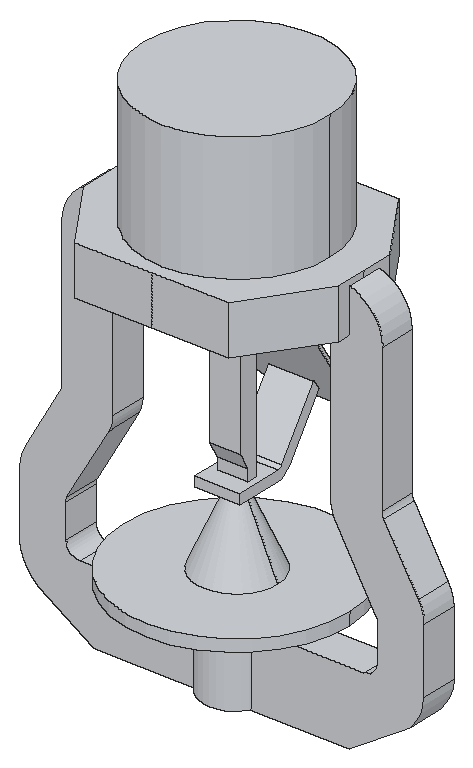
Revit family
Parameters (values of type "RASCO HL-22 ESFR")
  Temperature Rating = 212 °F
  Response = 1
  RASCO SIN # = "RA1011"
  RASCO Part # = "HL222"
  Pressure Rating = "175 PSI"
  Pressure Class = (empty or 0)
  Orifice Size = 1"
  Orifice = (empty or 0)
  Model = "HL-22"
  Manufacturer = "RASCO"
  K-Factor = 22.4
  Description = "BRONZE FINISH"
  Coverage = (empty or 0)
Reference planes (in)
  plane 1 "Center (Front/Back)": y = 0
  plane 2: z = 0
  plane 3 "Center (Left/Right)": x = 0
Nested families (in)
  nested 1: "HL222" at (0, 0, 3.875) x (-1, 0, 0) z (0, 0, -1), type "RASCO HL-22 ESFR"
Connectors (in)
  piping at (0, 0, 3.875)
    settings: on nested 1, index 1, connector radius 159/256", flow factor 0, pipe flow 0 GPM, pressure drop 0.00 psi, fitting loss kfactor 0, connector angle 0.00°, fixture units 0, flow configuration 0, flow direction 0, fitting loss method 0, system type 7, connector reference index -1, connector utility 0, adjustable connector no, is connector primary yes, fitting loss table "", connector description ""
Definition of nested family "HL222"
  Parameters (values of type "RASCO HL-22 ESFR")
    Type Comments = ""
    Temperature Rating = 0 °F
    Response = (empty or 0)
    Pressure Rating = "0"
    Pressure Class = (empty or 0)
    Orifice Size = 0"
    Orifice = (empty or 0)
    Model = ""
    Manufacturer = ""
    K-Factor = 0
    Description = ""
    Coverage = (empty or 0)
    Assembly Code = ""
  Reference planes (in)
    plane 1 "Center (Front/Back)": y = 0
    plane 2: z = 0
    plane 3 "left/right center": x = 0
    plane 4 "REF. 2": z = 0.9
    plane 5: z = 3.875
    plane 6: x = -1.4295
    plane 7: x = 1.4295
    plane 8 "REF.3": z = 3.355
    plane 9 "HEAD": z = 3.187
    plane 10 "HEAD 2": z = 2.57
    plane 11 "LINK": through (0, 0.54605, 2.12761) normal (0, -0.8477, 0.5305)
  Forms (in)
    Extrusion 1, solid
      sketch origin (0, 0, 0) x (1, 0, 0) y (0, 1, 0)
        loop
          circle (0, 0) r 0.66
      from 0 to 0.9
    Extrusion 2, solid
      sketch origin (0, 0, 0.9) x (-1, 0, 0) y (0, -1, 0)
        loop
          line (0, -0.75) -> (0.545, -0.75) -> (0.9, -0.225) -> (0.9, 0) -> (0.9, 0.225) -> (0.545, 0.75) -> (0, 0.75) -> (-0.545, 0.75) -> (-0.9, 0.225) -> (-0.9, 0) -> (-0.9, -0.225) -> (-0.545, -0.75) -> (0, -0.75)
      from 0 to 0.35
    Extrusion 3, solid
      sketch origin (0, 0, 0) x (1, 0, 0) y (0, 0, 1)
        loop
          line (-0.89516, 1.25) -> (-0.77016, 1.25) -> (-0.77016, 2.35369)
          arc (-0.77016, 2.35369) -> (-0.77682, 2.40488) -> (-0.79636, 2.45267) r 0.2
          line (-0.79636, 2.45267) -> (-1.09602, 2.97884)
          arc (-1.09602, 2.97884) -> (-1.10234, 2.9943) -> (-1.1045, 3.01087) r 0.06473
          line (-1.1045, 3.01087) -> (-1.1045, 3.255)
          arc (-1.1045, 3.255) -> (-1.07521, 3.32571) -> (-1.0045, 3.355) r 0.1
          line (-1.0045, 3.355) -> (0, 3.355) -> (1.0045, 3.355)
          arc (1.0045, 3.355) -> (1.07521, 3.32571) -> (1.1045, 3.255) r 0.1
          line (1.1045, 3.255) -> (1.1045, 3.01173)
          arc (1.1045, 3.01173) -> (1.10235, 2.99514) -> (1.09603, 2.97964) r 0.065
          line (1.09603, 2.97964) -> (0.79667, 2.4523)
          arc (0.79667, 2.4523) -> (0.77722, 2.40463) -> (0.77059, 2.35357) r 0.2
          line (0.77059, 2.35357) -> (0.77059, 1.25) -> (0.89559, 1.25) -> (0.89559, 0.93613)
          arc (0.89559, 0.93613) -> (1.06872, 1.05244) -> (1.13559, 1.25) r 0.32524
          line (1.13559, 1.25) -> (1.13559, 2.28492)
          arc (1.13559, 2.28492) -> (1.13874, 2.30917) -> (1.14798, 2.33181) r 0.095
          line (1.14798, 2.33181) -> (1.39039, 2.75884)
          arc (1.39039, 2.75884) -> (1.41956, 2.83035) -> (1.4295, 2.90694) r 0.3
          line (1.4295, 2.90694) -> (1.4295, 3.36572)
          arc (1.4295, 3.36572) -> (1.39347, 3.50827) -> (1.29403, 3.61658) r 0.3
          line (1.29403, 3.61658) -> (0.91498, 3.86517)
          arc (0.91498, 3.86517) -> (0.89925, 3.87249) -> (0.88208, 3.875) r 0.06
          line (0.88208, 3.875) -> (0, 3.875) -> (-0.88193, 3.875)
          arc (-0.88193, 3.875) -> (-0.89924, 3.87247) -> (-0.9151, 3.86507) r 0.06037
          line (-0.9151, 3.86507) -> (-1.29432, 3.61573)
          arc (-1.29432, 3.61573) -> (-1.39355, 3.50746) -> (-1.4295, 3.36506) r 0.3
          line (-1.4295, 3.36506) -> (-1.4295, 2.90628)
          arc (-1.4295, 2.90628) -> (-1.41951, 2.82949) -> (-1.39019, 2.75782) r 0.3
          line (-1.39019, 2.75782) -> (-1.14762, 2.33188)
          arc (-1.14762, 2.33188) -> (-1.13832, 2.30916) -> (-1.13516, 2.28482) r 0.0951
          line (-1.13516, 2.28482) -> (-1.13516, 1.25)
          arc (-1.13516, 1.25) -> (-1.06826, 1.05263) -> (-0.89516, 0.93659) r 0.32464
          line (-0.89516, 0.93659) -> (-0.89516, 1.25)
      from -0.13025 to 0.1298
    Extrusion 4, solid
      sketch origin (0, 0, 3.355) x (-1, 0, 0) y (0, -1, 0)
        loop
          circle (0, 0) r 0.24
      from 0 to 0.52
    Extrusion 5, solid
      sketch origin (0, 0, 0) x (0, 0, -1) y (0, -1, 0)
        loop
          line (-1.25, 0) -> (-1.25, 0.035) -> (-1.32876, 0.035) -> (-1.45, 0.105) -> (-2.3, 0.105) -> (-2.42124, 0.035) -> (-2.5, 0.035) -> (-2.5, -0.035) -> (-1.71369, -0.035) -> (-1.63254, -0.035) -> (-1.57879, -0.1699)
          arc (-1.57879, -0.1699) -> (-1.49812, -0.25387) -> (-1.38174, -0.2577) r 0.15454
          line (-1.38174, -0.2577) -> (-1.31535, -0.21936)
          arc (-1.31535, -0.21936) -> (-1.30254, -0.17155) -> (-1.35035, -0.15874) r 0.035
          line (-1.35035, -0.15874) -> (-1.41079, -0.19364)
          arc (-1.41079, -0.19364) -> (-1.51466, -0.14162) -> (-1.46853, -0.035) r 0.08454
          line (-1.46853, -0.035) -> (-1.25, -0.035) -> (-1.25, 0)
      from -0.10844 to 0.10903
    Extrusion 6, solid
      sketch origin (0, 0, 3.187) x (-1, 0, 0) y (0, -1, 0)
        loop
          circle (0, 0) r 0.8
      from 0 to -0.085
    Extrusion 7, solid
      sketch origin (0, 0, 3.187) x (-1, 0, 0) y (0, -1, 0)
        loop
          circle (0, 0) r 0.19609
      from 0 to 0.02571
    Extrusion 8, solid
      sketch origin (0, 0, 3.355) x (-1, 0, 0) y (0, -1, 0)
        loop
          circle (0, 0) r 0.12
      from 0 to -0.14229
    Blend 9, solid
      base sketch origin (0, 0, 2.57) x (0, 1, 0) y (-1, 0, 0)
        loop
          circle (0, 0) r 0.04952
      top sketch origin (0, 0, 2.57) x (0, 1, 0) y (-1, 0, 0)
        loop
          circle (0, 0) r 0.28994
      from 0 to 0.532
    Extrusion 10, solid
      sketch origin (0, 0, 0) x (0, 0, -1) y (0, -1, 0)
        loop
          line (-2.57, 0.16723) -> (-2.57, -0.16491)
          arc (-2.57, -0.16491) -> (-2.5563, -0.2209) -> (-2.51829, -0.26425) r 0.12127
          line (-2.51829, -0.26425) -> (-2.1356, -0.5322)
          arc (-2.1356, -0.5322) -> (-2.12761, -0.54605) -> (-2.13308, -0.56108) r 0.01892
          line (-2.13308, -0.56108) -> (-2.19998, -0.62798) -> (-2.15048, -0.67748) -> (-2.05912, -0.58612)
          arc (-2.05912, -0.58612) -> (-2.04181, -0.53855) -> (-2.06712, -0.4947) r 0.0599
          line (-2.06712, -0.4947) -> (-2.48243, -0.2039)
          arc (-2.48243, -0.2039) -> (-2.49534, -0.18917) -> (-2.5, -0.17014) r 0.04121
          line (-2.5, -0.17014) -> (-2.5, 0.16723) -> (-2.57, 0.16723)
      from -0.16031 to 0.15815
    Extrusion 11, solid
      sketch origin (0, -0.56446, 0.35328) x (0, 0.530535, 0.847663) y (-1, 0, 0)
        loop
          line (2.198, -0.00108) -> (2.198, 0.26892) -> (2.073, 0.39392) -> (1.38687, 0.39392) -> (1.26155, 0.2686) -> (1.26155, -0.27085) -> (1.38678, -0.39608) -> (2.07303, -0.39608) -> (2.198, -0.27111) -> (2.198, -0.00108)
      from 0 to 0.02242
  Dimensions and locks (in)
    plane 5 to level = 0' - 3 7/8"
